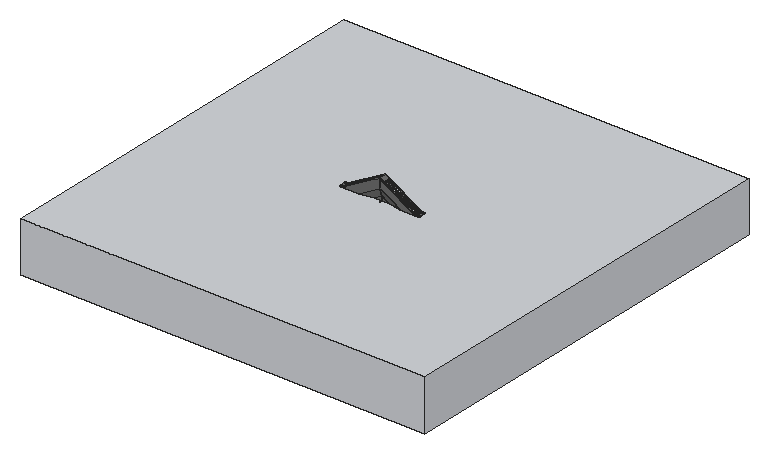
Revit family
Parameters (values of type "Z6A-PNLA-U48K")
  Weight = 4.880 lbf
  U/M = "EA"
  U Space = "1"
  System = "Cat 6A UTP"
  Serial Number = "Z6A-PNLA-U48K"
  Segment = "COPPER"
  Ports = "48"
  Model = "PATCH PANELS"
  Metal = none
  Manufacturer = "SIEMON"
  Loaded/Empty = "Populated"
  Item Group = "PATCH PANELS"
  Item Class = "GL"
  Description = "ZMAX 48 PORT 6A UTP PATCH PANEL ANGLED 1 RMS,BLACK,W JACKS"
  Default Elevation = 4' - 0"
  Color = "Black"
Types (6): name | Weight | System | Serial Number | Loaded/Empty | Item Class | Description
  (no name) | 4.880 lbf | "Cat 6A UTP" | "Z6A-PNLA-U48K" | "Populated" | "GL" | "ZMAX 48 PORT 6A UTP PATCH PANEL ANGLED 1 RMS,BLACK,W JACKS"
  Z6AS-PNLA-U48E | 1.300 lbf | "Cat 6A Shielded" | "Z6AS-PNLA-U48E" | "Empty" | "GK" | "ZMAX 48 PORT 6A SHIELDED PATCH PANEL,ANGLED 1 RMS,BLACK,EMPTY"
  Z6AS-PNLA-U48K | 2.300 lbf | "Cat 6A Shielded" | "Z6AS-PNLA-U48K" | "Populated" | "GK" | "ZMAX 48 PORT 6A SHIELDED PATCH PANEL,ANGLED 1 RMS,BLACK,W JACKS"
  Z6A-PNLA-U48E | 2.805 lbf | "Cat 6A UTP" | "Z6A-PNLA-U48E" | "Empty" | "GL" | "ZMAX 48 PORT 6A UTP PATCH PANEL ANGLED 1 RMS,BLACK,EMPTY"
  Z6A-PNLA-U48K | 4.880 lbf | "Cat 6A UTP" | "Z6A-PNLA-U48K" | "Populated" | "GL" | "ZMAX 48 PORT 6A UTP PATCH PANEL ANGLED 1 RMS,BLACK,W JACKS"
  Z6-PNLA-U48K | 2.805 lbf | "Cat 6 UTP" | "Z6-PNLA-U48K" | "Populated" | "GJ" | "ZMAX 48 PORT CAT 6 UTP PATCH PNL ANGLED 1 RMS,BLACK,W JACKS"
Reference planes (in)
  plane 1 "Center (Front/Back)": y = 0
  plane 2: z = 0
  plane 3 "Center (Left/Right)": x = 0
Forms (in)
  Extrusion 1, solid
    sketch origin (0, 0, 0) x (1, 0, 0) y (0, 1, 0)
      loop
        line (-48, 48) -> (-48, -48) -> (48, -48) -> (48, 48) -> (-48, 48)
    from 0 to -12
Dimensions and locks (in)
  aligned and locked: plane 2 to Extrusion 1
  aligned and locked: level to Extrusion 1
Nested families (in)
  nested 1: "Z6A(S)-PNLA-U48[1]" at (12.86965, -5.01622, 0.1887), type "Z6A(S)-PNLA-U48[1]"
Definition of nested family "Z6A(S)-PNLA-U48[1]"
  Parameters (values of type "Z6A(S)-PNLA-U48[1]")
    Weight = "1.2 kgs (2.7 lbs)"
    UL Rating = "UL 1863"
    U Space / Capacity = "1U"
    Text = Text
    Part Number = "Z6A(S)-PNLA-U48"
    Material = Cold rolled steel (CRS)
    Manufacturer Contact Info / Website = "www.siemon.com"
    Manufacturer = "Siemon"
    Dimensions (H x W x D) = "44.5mm x 483mm x 227mm\r\n(1.75 in. x 19.0 in. x 8.95 in.)"
    Description = "48-port Angled Z-MAX Copper Patch Panel"
    Clearance = "50mm (2.0 in.) Front and Rear"
  Reference planes (in)
    plane 1 "Center (Front/Back)": y = 5.01622
    plane 2: z = -0.1887
    plane 3: y = 3.86041
    plane 4: y = 3.86041
  Forms (in)
    Extrusion 1, solid, material "Cold rolled steel (CRS)" <- "Material"
      sketch origin (0, 3.53723, 4.95679) x (1, 0, 0) y (0, 1, 0)
        loop
          arc (-22.23655, 1.73252) -> (-22.32006, 1.69796) -> (-22.35466, 1.61447) r 0.11805
          line (-22.35466, 1.61447) -> (-22.35466, 0.12159)
          arc (-22.35466, 0.12159) -> (-22.32009, 0.03812) -> (-22.23662, 0.00354) r 0.11805
          line (-22.23662, 0.00354) -> (-21.71918, 0.00354) -> (-21.67984, 0.04289) -> (-21.67984, 1.69317) -> (-21.71918, 1.73252) -> (-22.23655, 1.73252)
        loop
          line (-21.93827, 1.63237) -> (-22.06812, 1.63237)
          arc (-22.06812, 1.63237) -> (-22.20781, 1.49269) -> (-22.06812, 1.353) r 0.13969
          line (-22.06812, 1.353) -> (-21.93827, 1.353)
          arc (-21.93827, 1.353) -> (-21.79858, 1.49269) -> (-21.93827, 1.63237) r 0.13969
        loop
          line (-21.93827, 0.38306) -> (-22.06812, 0.38306)
          arc (-22.06812, 0.38306) -> (-22.20781, 0.24337) -> (-22.06812, 0.10368) r 0.13969
          line (-22.06812, 0.10368) -> (-21.93827, 0.10368)
          arc (-21.93827, 0.10368) -> (-21.79858, 0.24337) -> (-21.93827, 0.38306) r 0.13969
      from -5.11198 to -5.06421
    Extrusion 2, solid, material "Cold rolled steel (CRS)" <- "Material"
      sketch origin (-45.18021, 86.88519, -21.02199) x (0, -1, 0) y (0.866025, 0, 0.5)
        loop
          line (83.34796, 39.74224) -> (83.34796, 40.87041) -> (81.67918, 40.87041) -> (81.67918, 30.91049) -> (83.34796, 30.91049) -> (83.34796, 39.74224)
        loop
          line (82.57638, 31.78405) -> (83.1315, 31.78405) -> (83.1315, 31.83917) -> (83.19449, 31.83917) -> (83.19449, 32.35098) -> (83.1315, 32.35098) -> (83.1315, 32.4061) -> (82.57638, 32.4061) -> (82.57638, 31.78405)
        loop
          line (82.57638, 32.51358) -> (83.1315, 32.51358) -> (83.1315, 32.5687) -> (83.19449, 32.5687) -> (83.19449, 33.08051) -> (83.1315, 33.08051) -> (83.1315, 33.13563) -> (82.57638, 33.13563) -> (82.57638, 32.51358)
        loop
          line (82.57638, 33.24311) -> (83.1315, 33.24311) -> (83.1315, 33.29823) -> (83.19449, 33.29823) -> (83.19449, 33.81004) -> (83.1315, 33.81004) -> (83.1315, 33.86516) -> (82.57638, 33.86516) -> (82.57638, 33.24311)
        loop
          line (82.57638, 33.97264) -> (83.1315, 33.97264) -> (83.1315, 34.02775) -> (83.19449, 34.02775) -> (83.19449, 34.53957) -> (83.1315, 34.53957) -> (83.1315, 34.59468) -> (82.57638, 34.59468) -> (82.57638, 33.97264)
        loop
          line (82.57638, 34.70216) -> (83.1315, 34.70216) -> (83.1315, 34.75728) -> (83.19449, 34.75728) -> (83.19449, 35.26909) -> (83.1315, 35.26909) -> (83.1315, 35.32421) -> (82.57638, 35.32421) -> (82.57638, 34.70216)
        loop
          line (82.57638, 35.45008) -> (83.1315, 35.45008) -> (83.1315, 35.5052) -> (83.19449, 35.5052) -> (83.19449, 36.01701) -> (83.1315, 36.01701) -> (83.1315, 36.07213) -> (82.57638, 36.07213) -> (82.57638, 35.45008)
        loop
          line (82.57638, 36.17961) -> (83.1315, 36.17961) -> (83.1315, 36.23472) -> (83.19449, 36.23472) -> (83.19449, 36.74653) -> (83.1315, 36.74653) -> (83.1315, 36.80165) -> (82.57638, 36.80165) -> (82.57638, 36.17961)
        loop
          line (82.57638, 36.90913) -> (83.1315, 36.90913) -> (83.1315, 36.96425) -> (83.19449, 36.96425) -> (83.19449, 37.47606) -> (83.1315, 37.47606) -> (83.1315, 37.53118) -> (82.57638, 37.53118) -> (82.57638, 36.90913)
        loop
          line (82.57638, 37.63866) -> (83.1315, 37.63866) -> (83.1315, 37.69378) -> (83.19449, 37.69378) -> (83.19449, 38.20559) -> (83.1315, 38.20559) -> (83.1315, 38.26071) -> (82.57638, 38.26071) -> (82.57638, 37.63866)
        loop
          line (82.57638, 38.36819) -> (83.1315, 38.36819) -> (83.1315, 38.42331) -> (83.19449, 38.42331) -> (83.19449, 38.93512) -> (83.1315, 38.93512) -> (83.1315, 38.99024) -> (82.57638, 38.99024) -> (82.57638, 38.36819)
        loop
          line (82.57638, 39.09772) -> (83.1315, 39.09772) -> (83.1315, 39.15283) -> (83.19449, 39.15283) -> (83.19449, 39.66464) -> (83.1315, 39.66464) -> (83.1315, 39.71976) -> (82.57638, 39.71976) -> (82.57638, 39.09772)
        loop
          line (81.7811, 31.78405) -> (82.33622, 31.78405) -> (82.33622, 31.83917) -> (82.39921, 31.83917) -> (82.39921, 32.35098) -> (82.33622, 32.35098) -> (82.33622, 32.4061) -> (81.7811, 32.4061) -> (81.7811, 31.78405)
        loop
          line (81.7811, 32.51358) -> (82.33622, 32.51358) -> (82.33622, 32.5687) -> (82.39921, 32.5687) -> (82.39921, 33.08051) -> (82.33622, 33.08051) -> (82.33622, 33.13563) -> (81.7811, 33.13563) -> (81.7811, 32.51358)
        loop
          line (81.7811, 33.24311) -> (82.33622, 33.24311) -> (82.33622, 33.29823) -> (82.39921, 33.29823) -> (82.39921, 33.81004) -> (82.33622, 33.81004) -> (82.33622, 33.86516) -> (81.7811, 33.86516) -> (81.7811, 33.24311)
        loop
          line (81.7811, 33.97264) -> (82.33622, 33.97264) -> (82.33622, 34.02775) -> (82.39921, 34.02775) -> (82.39921, 34.53957) -> (82.33622, 34.53957) -> (82.33622, 34.59468) -> (81.7811, 34.59468) -> (81.7811, 33.97264)
        loop
          line (81.7811, 34.70216) -> (82.33622, 34.70216) -> (82.33622, 34.75728) -> (82.39921, 34.75728) -> (82.39921, 35.26909) -> (82.33622, 35.26909) -> (82.33622, 35.32421) -> (81.7811, 35.32421) -> (81.7811, 34.70216)
        loop
          line (81.7811, 35.45008) -> (82.33622, 35.45008) -> (82.33622, 35.5052) -> (82.39921, 35.5052) -> (82.39921, 36.01701) -> (82.33622, 36.01701) -> (82.33622, 36.07213) -> (81.7811, 36.07213) -> (81.7811, 35.45008)
        loop
          line (81.7811, 36.17961) -> (82.33622, 36.17961) -> (82.33622, 36.23472) -> (82.39921, 36.23472) -> (82.39921, 36.74653) -> (82.33622, 36.74653) -> (82.33622, 36.80165) -> (81.7811, 36.80165) -> (81.7811, 36.17961)
        loop
          line (81.7811, 36.90913) -> (82.33622, 36.90913) -> (82.33622, 36.96425) -> (82.39921, 36.96425) -> (82.39921, 37.47606) -> (82.33622, 37.47606) -> (82.33622, 37.53118) -> (81.7811, 37.53118) -> (81.7811, 36.90913)
        loop
          line (81.7811, 37.63866) -> (82.33622, 37.63866) -> (82.33622, 37.69378) -> (82.39921, 37.69378) -> (82.39921, 38.20559) -> (82.33622, 38.20559) -> (82.33622, 38.26071) -> (81.7811, 38.26071) -> (81.7811, 37.63866)
        loop
          line (81.7811, 38.36819) -> (82.33622, 38.36819) -> (82.33622, 38.42331) -> (82.39921, 38.42331) -> (82.39921, 38.93512) -> (82.33622, 38.93512) -> (82.33622, 38.99024) -> (81.7811, 38.99024) -> (81.7811, 38.36819)
        loop
          line (81.7811, 39.09772) -> (82.33622, 39.09772) -> (82.33622, 39.15283) -> (82.39921, 39.15283) -> (82.39921, 39.66464) -> (82.33622, 39.66464) -> (82.33622, 39.71976) -> (81.7811, 39.71976) -> (81.7811, 39.09772)
        loop
          line (82.57638, 31.05453) -> (83.1315, 31.05453) -> (83.1315, 31.10965) -> (83.19449, 31.10965) -> (83.19449, 31.62146) -> (83.1315, 31.62146) -> (83.1315, 31.67657) -> (82.57638, 31.67657) -> (82.57638, 31.05453)
        loop
          line (81.7811, 31.05453) -> (82.33622, 31.05453) -> (82.33622, 31.10965) -> (82.39921, 31.10965) -> (82.39921, 31.62146) -> (82.33622, 31.62146) -> (82.33622, 31.67657) -> (81.7811, 31.67657) -> (81.7811, 31.05453)
      from 6.28392 to 6.34349
    Extrusion 3, solid, material "Cold rolled steel (CRS)" <- "Material"
      sketch origin (0, 3.53723, 4.95679) x (1, 0, 0) y (0, 0, -1)
        loop
          arc (-21.61547, 5.104) -> (-21.62984, 5.10995) -> (-21.64525, 5.11198) r 0.05957
          line (-21.64525, 5.11198) -> (-21.67984, 5.11198) -> (-21.67984, 5.06421) -> (-21.64209, 5.06421) -> (-21.58268, 5.02991) -> (-21.55879, 5.07127) -> (-21.61547, 5.104)
      from 0.06639 to 1.66878
    Extrusion 4, solid, material "Cold rolled steel (CRS)" <- "Material"
      sketch origin (-62.09698, -1.11364, -12.50165) x (0.981796, 0.187303, 0.03153) y (-0.03153, 0.324419, -0.945388)
        loop
          line (42.7605, -8.44129) -> (41.93345, -9.87378) -> (49.68117, -14.34693) -> (49.7414, -12.47171) -> (42.7605, -8.44129)
      from 0 to 0.04724
    Extrusion 5, solid, material "Cold rolled steel (CRS)" <- "Material"
      sketch origin (-62.4454, 4.15355, -12.6107) x (1, 0, 0) y (0, 0, -1)
        loop
          line (43.02899, -8.68879) -> (42.58783, -9.4529) -> (49.57332, -13.48598) -> (49.57332, -12.46716) -> (43.02899, -8.68879)
      from 0 to 0.04724
    Extrusion 6, solid, material "Cold rolled steel (CRS)" <- "Material"
      sketch origin (-46.4371, -41.97815, -19.59996) x (0.866025, 0, 0.5) y (0, 1, 0)
        loop
          line (38.79533, 45.69051) -> (38.79533, 46.1117) -> (31.23963, 46.1117) -> (31.23963, 45.69051)
          arc (31.23963, 45.69051) -> (31.26269, 45.63484) -> (31.31837, 45.61177) r 0.07874
          line (31.31837, 45.61177) -> (38.71659, 45.61177)
          arc (38.71659, 45.61177) -> (38.77226, 45.63484) -> (38.79533, 45.69051) r 0.07874
      from 0 to 0.04724
    Extrusion 7, solid, material "Cold rolled steel (CRS)" <- "Material"
      sketch origin (-34.90235, 86.95118, -15.56298) x (0, -1, 0) y (0.5, 0, -0.866025)
        loop
          arc (82.81764, -2.27125) -> (82.77009, -2.29094) -> (82.75039, -2.33849) r 0.06724
          line (82.75039, -2.33849) -> (82.79764, -2.33849)
          arc (82.79764, -2.33849) -> (82.8035, -2.32435) -> (82.81764, -2.31849) r 0.02
          line (82.81764, -2.31849) -> (82.81764, -2.27125)
      from 19.23175 to 26.78745
    Extrusion 8, solid, material "Cold rolled steel (CRS)" <- "Material"
      sketch origin (0, 3.53723, 4.95679) x (1, 0, 0) y (0, 0, -1)
        loop
          line (-21.59476, 5.10567) -> (-12.92735, 0.10154) -> (-12.87192, 0.19756) -> (-12.87192, 0.49145) -> (-12.87192, 2.33092) -> (-20.61556, 6.80171) -> (-21.59476, 5.10567)
      from 0 to 0.05957
    Extrusion 9, solid, material "Cold rolled steel (CRS)" <- "Material"
      sketch origin (-25.70933, 3.53723, 4.95679) x (-1, 0, 0) y (0, -1, 0)
        loop
          line (-22.23655, -1.73252) -> (-21.67984, -1.73252) -> (-21.67984, -0.00354) -> (-22.23662, -0.00354)
          arc (-22.23662, -0.00354) -> (-22.32009, -0.03812) -> (-22.35466, -0.12159) r 0.11805
          line (-22.35466, -0.12159) -> (-22.35466, -1.61447)
          arc (-22.35466, -1.61447) -> (-22.32006, -1.69796) -> (-22.23655, -1.73252) r 0.11805
        loop
          arc (-21.93827, -1.63237) -> (-21.79858, -1.49269) -> (-21.93827, -1.353) r 0.13969
          line (-21.93827, -1.353) -> (-22.06812, -1.353)
          arc (-22.06812, -1.353) -> (-22.20781, -1.49269) -> (-22.06812, -1.63237) r 0.13969
          line (-22.06812, -1.63237) -> (-21.93827, -1.63237)
        loop
          arc (-21.93827, -0.38306) -> (-21.79858, -0.24337) -> (-21.93827, -0.10368) r 0.13969
          line (-21.93827, -0.10368) -> (-22.06812, -0.10368)
          arc (-22.06812, -0.10368) -> (-22.20781, -0.24337) -> (-22.06812, -0.38306) r 0.13969
          line (-22.06812, -0.38306) -> (-21.93827, -0.38306)
      from -5.11198 to -5.06421
    Extrusion 10, solid, material "Cold rolled steel (CRS)" <- "Material"
      sketch origin (19.47088, 86.88519, -21.02199) x (0, -1, 0) y (0.866025, 0, -0.5)
        loop
          line (83.34796, -39.74224) -> (83.34796, -30.91049) -> (81.67918, -30.91049) -> (81.67918, -40.87041) -> (83.34796, -40.87041) -> (83.34796, -39.74224)
        loop
          line (82.57638, -31.78405) -> (82.57638, -32.4061) -> (83.1315, -32.4061) -> (83.1315, -32.35098) -> (83.19449, -32.35098) -> (83.19449, -31.83917) -> (83.1315, -31.83917) -> (83.1315, -31.78405) -> (82.57638, -31.78405)
        loop
          line (82.57638, -32.51358) -> (82.57638, -33.13563) -> (83.1315, -33.13563) -> (83.1315, -33.08051) -> (83.19449, -33.08051) -> (83.19449, -32.5687) -> (83.1315, -32.5687) -> (83.1315, -32.51358) -> (82.57638, -32.51358)
        loop
          line (82.57638, -33.24311) -> (82.57638, -33.86516) -> (83.1315, -33.86516) -> (83.1315, -33.81004) -> (83.19449, -33.81004) -> (83.19449, -33.29823) -> (83.1315, -33.29823) -> (83.1315, -33.24311) -> (82.57638, -33.24311)
        loop
          line (82.57638, -33.97264) -> (82.57638, -34.59468) -> (83.1315, -34.59468) -> (83.1315, -34.53957) -> (83.19449, -34.53957) -> (83.19449, -34.02775) -> (83.1315, -34.02775) -> (83.1315, -33.97264) -> (82.57638, -33.97264)
        loop
          line (82.57638, -34.70216) -> (82.57638, -35.32421) -> (83.1315, -35.32421) -> (83.1315, -35.26909) -> (83.19449, -35.26909) -> (83.19449, -34.75728) -> (83.1315, -34.75728) -> (83.1315, -34.70216) -> (82.57638, -34.70216)
        loop
          line (82.57638, -35.45008) -> (82.57638, -36.07213) -> (83.1315, -36.07213) -> (83.1315, -36.01701) -> (83.19449, -36.01701) -> (83.19449, -35.5052) -> (83.1315, -35.5052) -> (83.1315, -35.45008) -> (82.57638, -35.45008)
        loop
          line (82.57638, -36.17961) -> (82.57638, -36.80165) -> (83.1315, -36.80165) -> (83.1315, -36.74653) -> (83.19449, -36.74653) -> (83.19449, -36.23472) -> (83.1315, -36.23472) -> (83.1315, -36.17961) -> (82.57638, -36.17961)
        loop
          line (82.57638, -36.90913) -> (82.57638, -37.53118) -> (83.1315, -37.53118) -> (83.1315, -37.47606) -> (83.19449, -37.47606) -> (83.19449, -36.96425) -> (83.1315, -36.96425) -> (83.1315, -36.90913) -> (82.57638, -36.90913)
        loop
          line (82.57638, -37.63866) -> (82.57638, -38.26071) -> (83.1315, -38.26071) -> (83.1315, -38.20559) -> (83.19449, -38.20559) -> (83.19449, -37.69378) -> (83.1315, -37.69378) -> (83.1315, -37.63866) -> (82.57638, -37.63866)
        loop
          line (82.57638, -38.36819) -> (82.57638, -38.99024) -> (83.1315, -38.99024) -> (83.1315, -38.93512) -> (83.19449, -38.93512) -> (83.19449, -38.42331) -> (83.1315, -38.42331) -> (83.1315, -38.36819) -> (82.57638, -38.36819)
        loop
          line (82.57638, -39.09772) -> (82.57638, -39.71976) -> (83.1315, -39.71976) -> (83.1315, -39.66464) -> (83.19449, -39.66464) -> (83.19449, -39.15283) -> (83.1315, -39.15283) -> (83.1315, -39.09772) -> (82.57638, -39.09772)
        loop
          line (81.7811, -31.78405) -> (81.7811, -32.4061) -> (82.33622, -32.4061) -> (82.33622, -32.35098) -> (82.39921, -32.35098) -> (82.39921, -31.83917) -> (82.33622, -31.83917) -> (82.33622, -31.78405) -> (81.7811, -31.78405)
        loop
          line (81.7811, -32.51358) -> (81.7811, -33.13563) -> (82.33622, -33.13563) -> (82.33622, -33.08051) -> (82.39921, -33.08051) -> (82.39921, -32.5687) -> (82.33622, -32.5687) -> (82.33622, -32.51358) -> (81.7811, -32.51358)
        loop
          line (81.7811, -33.24311) -> (81.7811, -33.86516) -> (82.33622, -33.86516) -> (82.33622, -33.81004) -> (82.39921, -33.81004) -> (82.39921, -33.29823) -> (82.33622, -33.29823) -> (82.33622, -33.24311) -> (81.7811, -33.24311)
        loop
          line (81.7811, -33.97264) -> (81.7811, -34.59468) -> (82.33622, -34.59468) -> (82.33622, -34.53957) -> (82.39921, -34.53957) -> (82.39921, -34.02775) -> (82.33622, -34.02775) -> (82.33622, -33.97264) -> (81.7811, -33.97264)
        loop
          line (81.7811, -34.70216) -> (81.7811, -35.32421) -> (82.33622, -35.32421) -> (82.33622, -35.26909) -> (82.39921, -35.26909) -> (82.39921, -34.75728) -> (82.33622, -34.75728) -> (82.33622, -34.70216) -> (81.7811, -34.70216)
        loop
          line (81.7811, -35.45008) -> (81.7811, -36.07213) -> (82.33622, -36.07213) -> (82.33622, -36.01701) -> (82.39921, -36.01701) -> (82.39921, -35.5052) -> (82.33622, -35.5052) -> (82.33622, -35.45008) -> (81.7811, -35.45008)
        loop
          line (81.7811, -36.17961) -> (81.7811, -36.80165) -> (82.33622, -36.80165) -> (82.33622, -36.74653) -> (82.39921, -36.74653) -> (82.39921, -36.23472) -> (82.33622, -36.23472) -> (82.33622, -36.17961) -> (81.7811, -36.17961)
        loop
          line (81.7811, -36.90913) -> (81.7811, -37.53118) -> (82.33622, -37.53118) -> (82.33622, -37.47606) -> (82.39921, -37.47606) -> (82.39921, -36.96425) -> (82.33622, -36.96425) -> (82.33622, -36.90913) -> (81.7811, -36.90913)
        loop
          line (81.7811, -37.63866) -> (81.7811, -38.26071) -> (82.33622, -38.26071) -> (82.33622, -38.20559) -> (82.39921, -38.20559) -> (82.39921, -37.69378) -> (82.33622, -37.69378) -> (82.33622, -37.63866) -> (81.7811, -37.63866)
        loop
          line (81.7811, -38.36819) -> (81.7811, -38.99024) -> (82.33622, -38.99024) -> (82.33622, -38.93512) -> (82.39921, -38.93512) -> (82.39921, -38.42331) -> (82.33622, -38.42331) -> (82.33622, -38.36819) -> (81.7811, -38.36819)
        loop
          line (81.7811, -39.09772) -> (81.7811, -39.71976) -> (82.33622, -39.71976) -> (82.33622, -39.66464) -> (82.39921, -39.66464) -> (82.39921, -39.15283) -> (82.33622, -39.15283) -> (82.33622, -39.09772) -> (81.7811, -39.09772)
        loop
          line (82.57638, -31.05453) -> (82.57638, -31.67657) -> (83.1315, -31.67657) -> (83.1315, -31.62146) -> (83.19449, -31.62146) -> (83.19449, -31.10965) -> (83.1315, -31.10965) -> (83.1315, -31.05453) -> (82.57638, -31.05453)
        loop
          line (81.7811, -31.05453) -> (81.7811, -31.67657) -> (82.33622, -31.67657) -> (82.33622, -31.62146) -> (82.39921, -31.62146) -> (82.39921, -31.10965) -> (82.33622, -31.10965) -> (82.33622, -31.05453) -> (81.7811, -31.05453)
      from 6.28392 to 6.34349
    Extrusion 11, solid, material "Cold rolled steel (CRS)" <- "Material"
      sketch origin (-25.70933, 3.53723, 4.95679) x (-1, 0, 0) y (0, 0, 1)
        loop
          line (-21.61547, -5.104) -> (-21.55879, -5.07127) -> (-21.58268, -5.02991) -> (-21.64209, -5.06421) -> (-21.67984, -5.06421) -> (-21.67984, -5.11198) -> (-21.64525, -5.11198)
          arc (-21.64525, -5.11198) -> (-21.62984, -5.10995) -> (-21.61547, -5.104) r 0.05957
      from 0.06639 to 1.66878
    Extrusion 12, solid, material "Cold rolled steel (CRS)" <- "Material"
      sketch origin (36.38765, -1.11364, -12.50165) x (-0.981796, 0.187303, 0.03153) y (-0.03153, -0.324419, 0.945388)
        loop
          line (42.7605, 8.44129) -> (49.7414, 12.47171) -> (49.68117, 14.34693) -> (41.93345, 9.87378) -> (42.7605, 8.44129)
      from 0 to 0.04724
    Extrusion 13, solid, material "Cold rolled steel (CRS)" <- "Material"
      sketch origin (36.73607, 4.15355, -12.6107) x (-1, 0, 0) y (0, 0, 1)
        loop
          line (43.02899, 8.68879) -> (49.57332, 12.46716) -> (49.57332, 13.48598) -> (42.58783, 9.4529) -> (43.02899, 8.68879)
      from 0 to 0.04724
    Extrusion 14, solid, material "Cold rolled steel (CRS)" <- "Material"
      sketch origin (20.72777, -41.97815, -19.59996) x (-0.866025, 0, 0.5) y (0, -1, 0)
        loop
          arc (38.79533, -45.69051) -> (38.77226, -45.63484) -> (38.71659, -45.61177) r 0.07874
          line (38.71659, -45.61177) -> (31.31837, -45.61177)
          arc (31.31837, -45.61177) -> (31.26269, -45.63484) -> (31.23963, -45.69051) r 0.07874
          line (31.23963, -45.69051) -> (31.23963, -46.1117) -> (38.79533, -46.1117) -> (38.79533, -45.69051)
      from 0 to 0.04724
    Extrusion 15, solid, material "Cold rolled steel (CRS)" <- "Material"
      sketch origin (9.19302, 86.95118, -15.56298) x (0, -1, 0) y (0.5, 0, 0.866025)
        loop
          line (82.81764, 2.27125) -> (82.81764, 2.31849)
          arc (82.81764, 2.31849) -> (82.8035, 2.32435) -> (82.79764, 2.33849) r 0.02
          line (82.79764, 2.33849) -> (82.75039, 2.33849)
          arc (82.75039, 2.33849) -> (82.77009, 2.29094) -> (82.81764, 2.27125) r 0.06724
      from 19.23175 to 26.78745
    Extrusion 16, solid, material "Cold rolled steel (CRS)" <- "Material"
      sketch origin (-25.70933, 3.53723, 4.95679) x (-1, 0, 0) y (0, 0, 1)
        loop
          line (-21.59476, -5.10567) -> (-20.61556, -6.80171) -> (-12.87192, -2.33092) -> (-12.87192, -0.49145) -> (-12.87192, -0.19756) -> (-12.92735, -0.10154) -> (-21.59476, -5.10567)
      from 0 to 0.05957
    Extrusion 17, solid, material "Cold rolled steel (CRS)" <- "Material"
      sketch origin (26.2338, 4.21475, 27.41986) x (0, -1, 0) y (0.866025, 0, 0.5)
        loop
          line (-0.83918, -46.80026) -> (-0.83918, -46.50499) -> (-0.89112, -46.50499) -> (-0.89112, -46.80026) -> (-0.83918, -46.80026)
      from 0.05925 to 0.09862
    Extrusion 18, solid, material "Cold rolled steel (CRS)" <- "Material"
      sketch origin (26.2338, 3.41769, 27.41986) x (0, -1, 0) y (0.866025, 0, 0.5)
        loop
          line (-0.83918, -46.80026) -> (-0.83918, -46.50499) -> (-0.89112, -46.50499) -> (-0.89112, -46.80026) -> (-0.83918, -46.80026)
      from 0.05925 to 0.09862
    Extrusion 19, solid, material "Cold rolled steel (CRS)" <- "Material"
      sketch origin (24.33332, 4.21475, 26.32262) x (0, -1, 0) y (0.866025, 0, 0.5)
        loop
          line (-0.83918, -46.80026) -> (-0.83918, -46.50499) -> (-0.89112, -46.50499) -> (-0.89112, -46.80026) -> (-0.83918, -46.80026)
      from 0.05925 to 0.09862
    Extrusion 20, solid, material "Cold rolled steel (CRS)" <- "Material"
      sketch origin (24.33332, 3.41769, 26.32262) x (0, -1, 0) y (0.866025, 0, 0.5)
        loop
          line (-0.83918, -46.80026) -> (-0.83918, -46.50499) -> (-0.89112, -46.50499) -> (-0.89112, -46.80026) -> (-0.83918, -46.80026)
      from 0.05925 to 0.09862
    Extrusion 21, solid, material "Cold rolled steel (CRS)" <- "Material"
      sketch origin (23.06974, 4.21475, 25.59309) x (0, -1, 0) y (0.866025, 0, 0.5)
        loop
          line (-0.83918, -46.80026) -> (-0.83918, -46.50499) -> (-0.89112, -46.50499) -> (-0.89112, -46.80026) -> (-0.83918, -46.80026)
      from 0.05925 to 0.09862
    Extrusion 22, solid, material "Cold rolled steel (CRS)" <- "Material"
      sketch origin (23.06974, 3.41769, 25.59309) x (0, -1, 0) y (0.866025, 0, 0.5)
        loop
          line (-0.83918, -46.80026) -> (-0.83918, -46.50499) -> (-0.89112, -46.50499) -> (-0.89112, -46.80026) -> (-0.83918, -46.80026)
      from 0.05925 to 0.09862
    Extrusion 23, solid, material "Cold rolled steel (CRS)" <- "Material"
      sketch origin (22.42203, 4.21475, 25.21913) x (0, -1, 0) y (0.866025, 0, 0.5)
        loop
          line (-0.83918, -46.80026) -> (-0.83918, -46.50499) -> (-0.89112, -46.50499) -> (-0.89112, -46.80026) -> (-0.83918, -46.80026)
      from 0.05925 to 0.09862
    Extrusion 24, solid, material "Cold rolled steel (CRS)" <- "Material"
      sketch origin (20.52666, 4.21475, 24.12484) x (0, -1, 0) y (0.866025, 0, 0.5)
        loop
          line (-0.83918, -46.80026) -> (-0.83918, -46.50499) -> (-0.89112, -46.50499) -> (-0.89112, -46.80026) -> (-0.83918, -46.80026)
      from 0.05925 to 0.09862
    Extrusion 25, solid, material "Cold rolled steel (CRS)" <- "Material"
      sketch origin (-51.94313, 4.21475, 27.41986) x (0, -1, 0) y (0.866025, 0, -0.5)
        loop
          line (-0.83918, 46.80026) -> (-0.89112, 46.80026) -> (-0.89112, 46.50499) -> (-0.83918, 46.50499) -> (-0.83918, 46.80026)
      from 0.05925 to 0.09862
    Extrusion 26, solid, material "Cold rolled steel (CRS)" <- "Material"
      sketch origin (-51.94313, 3.41769, 27.41986) x (0, -1, 0) y (0.866025, 0, -0.5)
        loop
          line (-0.83918, 46.80026) -> (-0.89112, 46.80026) -> (-0.89112, 46.50499) -> (-0.83918, 46.50499) -> (-0.83918, 46.80026)
      from 0.05925 to 0.09862
    Extrusion 27, solid, material "Cold rolled steel (CRS)" <- "Material"
      sketch origin (-50.67444, 4.21475, 26.68738) x (0, -1, 0) y (0.866025, 0, -0.5)
        loop
          line (-0.83918, 46.80026) -> (-0.89112, 46.80026) -> (-0.89112, 46.50499) -> (-0.83918, 46.50499) -> (-0.83918, 46.80026)
      from 0.05925 to 0.09862
    Extrusion 28, solid, material "Cold rolled steel (CRS)" <- "Material"
      sketch origin (-50.67444, 3.41769, 26.68738) x (0, -1, 0) y (0.866025, 0, -0.5)
        loop
          line (-0.83918, 46.80026) -> (-0.89112, 46.80026) -> (-0.89112, 46.50499) -> (-0.83918, 46.50499) -> (-0.83918, 46.80026)
      from 0.05925 to 0.09862
    Extrusion 29, solid, material "Cold rolled steel (CRS)" <- "Material"
      sketch origin (-48.77907, 4.21475, 25.59309) x (0, -1, 0) y (0.866025, 0, -0.5)
        loop
          line (-0.83918, 46.80026) -> (-0.89112, 46.80026) -> (-0.89112, 46.50499) -> (-0.83918, 46.50499) -> (-0.83918, 46.80026)
      from 0.05925 to 0.09862
    Extrusion 30, solid, material "Cold rolled steel (CRS)" <- "Material"
      sketch origin (-48.77907, 3.41769, 25.59309) x (0, -1, 0) y (0.866025, 0, -0.5)
        loop
          line (-0.83918, 46.80026) -> (-0.89112, 46.80026) -> (-0.89112, 46.50499) -> (-0.83918, 46.50499) -> (-0.83918, 46.80026)
      from 0.05925 to 0.09862
    Extrusion 31, solid, material "Cold rolled steel (CRS)" <- "Material"
      sketch origin (-48.13136, 4.21475, 25.21913) x (0, -1, 0) y (0.866025, 0, -0.5)
        loop
          line (-0.83918, 46.80026) -> (-0.89112, 46.80026) -> (-0.89112, 46.50499) -> (-0.83918, 46.50499) -> (-0.83918, 46.80026)
      from 0.05925 to 0.09862
    Extrusion 32, solid, material "Cold rolled steel (CRS)" <- "Material"
      sketch origin (-48.13136, 3.41769, 25.21913) x (0, -1, 0) y (0.866025, 0, -0.5)
        loop
          line (-0.83918, 46.80026) -> (-0.89112, 46.80026) -> (-0.89112, 46.50499) -> (-0.83918, 46.50499) -> (-0.83918, 46.80026)
      from 0.05925 to 0.09862
    Extrusion 33, solid, material "Cold rolled steel (CRS)" <- "Material"
      sketch origin (-46.86778, 4.21475, 24.4896) x (0, -1, 0) y (0.866025, 0, -0.5)
        loop
          line (-0.83918, 46.80026) -> (-0.89112, 46.80026) -> (-0.89112, 46.50499) -> (-0.83918, 46.50499) -> (-0.83918, 46.80026)
      from 0.05925 to 0.09862
    Extrusion 34, solid, material "Cold rolled steel (CRS)" <- "Material"
      sketch origin (-46.86778, 3.41769, 24.4896) x (0, -1, 0) y (0.866025, 0, -0.5)
        loop
          line (-0.83918, 46.80026) -> (-0.89112, 46.80026) -> (-0.89112, 46.50499) -> (-0.83918, 46.50499) -> (-0.83918, 46.80026)
      from 0.05925 to 0.09862
    Extrusion 35, solid, material "Cold rolled steel (CRS)" <- "Material"
      sketch origin (-44.97241, 4.21475, 23.39531) x (0, -1, 0) y (0.866025, 0, -0.5)
        loop
          line (-0.83918, 46.80026) -> (-0.89112, 46.80026) -> (-0.89112, 46.50499) -> (-0.83918, 46.50499) -> (-0.83918, 46.80026)
      from 0.05925 to 0.09862
    Extrusion 36, solid, material "Cold rolled steel (CRS)" <- "Material"
      sketch origin (-44.97241, 3.41769, 23.39531) x (0, -1, 0) y (0.866025, 0, -0.5)
        loop
          line (-0.83918, 46.80026) -> (-0.89112, 46.80026) -> (-0.89112, 46.50499) -> (-0.83918, 46.50499) -> (-0.83918, 46.80026)
      from 0.05925 to 0.09862
  Cuts and joins
    joined: Extrusion 1, Extrusion 3
    joined: Extrusion 2, Extrusion 17, Extrusion 18, Extrusion 19, Extrusion 20, Extrusion 21, Extrusion 22, Extrusion 23, Extrusion 24
    joined: Extrusion 10, Extrusion 25, Extrusion 26, Extrusion 27, Extrusion 28, Extrusion 29, Extrusion 30, Extrusion 31, Extrusion 32, Extrusion 33, Extrusion 34, Extrusion 35, Extrusion 36
  Lines and regions (in)
    reference lines
      curve 1: line (-22.00351, 5.01622, 2.18121) -> (-22.00351, 5.01622, -0.5747)
      curve 2: line (-3.69642, 5.01622, 2.48143) -> (-3.69642, 5.01622, -1.06188)
      curve 3: line (-12.86965, 5.01622, 2.25371) -> (-12.86965, 5.01622, -0.69904)
  Dimensions and locks (in)
    curve 1 to curve 3 = 0' - 9.13386"
    curve 3 to curve 2 = 0' - 9.17323"
